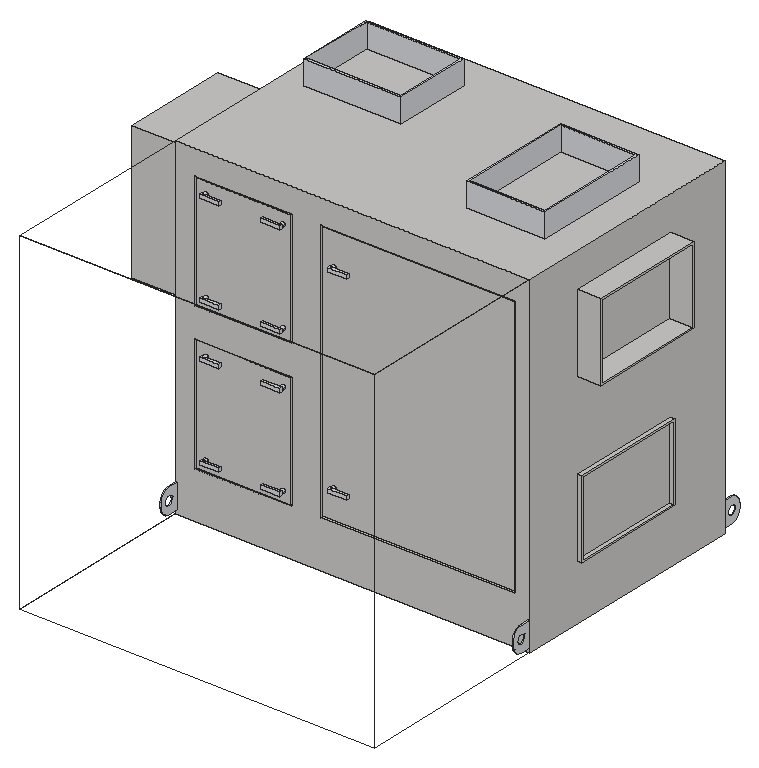
Revit family "DN-2IN-2FP-ERV", category Mechanical Equipment, Revit 2016
Family settings
  Part Type = Normal
  Round Connector Dimension = Use Diameter
  OmniClass Number = 23.75.00.00
  OmniClass Title = Climate Control (HVAC)
  Work Plane-Based = No
  Always vertical = Yes
  Cut with Voids When Loaded = No
  Shared = No
  Room Calculation Point = No
Parameters (values of type "2 @ 1.35 kW ea.")
  Voltage [instance] = "200-277 V"
  Unit Weight Range (lbs) [instance] = "1350-1525 lbs."
  Max. Shipping Weight (lbs) [instance] = "1550-1725 lbs."
  Unit Dimensions(L x W x H) [instance] = "88-5/8\" x 59-1/8\" x 73-7/8\""
  Shipping Dimensions (L x W x H) [instance] = "100\" x 90\" x 79\""
  Unit [instance] = Renewaire - Galvanized Steel
  URL = "www.renewaire.com"
  Typical Airflow Range = "375-1,650 CFM"
  Standard Features [instance] = "EC Motors for both airstreams, Direct drive backward inclined plenum, Higher ESP of up to 2\" w.g. at 1,500 CFM, Integrated programmable controls, True 100% face and bypass enthalpy based modulating economizer, Class 1 low leakage motorized isolation dampers, 1\" Double wall foam injected 20 gauge galvanized panel construction with R6.5 insulation"
  Service Area Visibility [instance] = yes
  Service Area Box [instance] = Renewaire - Interference
  Revit Object Download Link [instance] = ""
  Phase [instance] = "Single"
  Options [instance] = "Onboard variable frequency drives (VFDs) - both airstreams, Fused disconnect, Spring isolators (VFDs only), 2\" Double wall foam injected 20 gauge galvanized panel construction with R13 insulation, Exterior paint - grey, white, custom color, BACNET factory activation, GFCI convenience outlet, Recirculation damper"
  Number Motors [instance] = "Qty. 2, Direct drive motorized impeller packages"
  Model = "DN-2IN-2FP-ERV"
  Minimum Circuit Amps [instance] = "15.1 A"
  Maximum Overcurrent Protection [instance] = "20 A"
  Manufacturer = "Renewaire LLC"
  Inlets/Outlets [instance] = "OA & RA Inlets: 24\" x 16\", SA Outlet: 24\" x 16\", EA Outlet: 20\" x 16\""
  Frequency [instance] = "50/60 Hz"
  Filters [instance] = "Total qty. 4, MERV 8: 16\" x 20\" x 2\""
  FLA per Motor [instance] = "6.7-4.8"
  Energy Recovery Type [instance] = "Static plate total energy transfer"
  Description = "Energy Recovery Ventilator"
  Accessories [instance] = "Filters - MERV 13, 2\"  and 4\" (shipped loose), MERV 14, 2\" and 4\" (shipped loose), Additional filters available upon request, Duct mounted electric pre-heater (separately powered), Carbon dioxide sensor/control - wall mount (CO2-W), duct mount (CO2-D), IAQ sensor - wall mount (IAQ-W), duct mount (IAQ-D), Motion occupancy sensor/control - ceiling mount (MC-C), wall mount (MC-W), Smoke detector, Room temperature and humidity sensor, Duct static pressure sensor with display to 10\", without display 0-2\", Room pressure sensor with display to 1\", without display 0-1\", Remote display"
  AHRI 1060 Certified Core [instance] = "One L-62-G5 and one L-125-G5"
Types (7): name | Voltage | Phase | Minimum Circuit Amps | Maximum Overcurrent Protection | FLA per Motor
  (no name) | "200-277 V" | "Single" | "15.1 A" | "20 A" | "6.7-4.8"
  2 @ 1.35 kW ea. | "200-277 V" | "Single" | "15.1 A" | "20 A" | "6.7-4.8"
  2 @ 2.70 kW ea. | "200-240 V" | "Three" | "19.4 A" | "25 A" | "8.6-7.2"
  2 @ 3.70 kW ea. | "380-480 V" | "Three" | "13.5 A" | "15 A" | "6.0-4.6"
  2 @ 3HP ea. 208-230V | "208-230 V" | "Three" | "20.3 A" | "25 A" | "9-8.4/4.2"
  2 @ 3HP ea. 460V | "460V" | "Three" | "9.5 A" | "15 A" | "4.2"
  2 @ 3HP ea. 575V | "575V" | "Three" | "7.4 A" | "15 A" | "3.3"
Reference planes (in)
  plane 1 "Center (Front/Back)": y = 0
  plane 2: z = 0
  plane 3 "Center (Left/Right)": x = 0
  plane 4: x = -12.875
Forms (in)
  Extrusion 1, solid, material "Renewaire - Galvanized Steel" <- "Unit"
    sketch origin (0, 1.00005, 0) x (1, 0, 0) y (0, 1, 0)
      loop
        line (-12.875, 23.99995) -> (-12.875, -26.00005) -> (60, -26.00005) -> (60, 23.99995) -> (-12.875, 23.99995)
    from 0 to 68.875
  Extrusion 2, void
    sketch origin (-0.17691, 0, 0) x (1, 0, 0) y (0, 0, 1)
      loop
        line (-8.69064, 63.824) -> (-8.69064, 39.82399) -> (11.30935, 39.82399) -> (11.30935, 63.824) -> (-8.69064, 63.824)
      loop
        line (-8.69064, 33.824) -> (-8.69064, 9.824) -> (11.30935, 9.824) -> (11.30935, 33.824) -> (-8.69064, 33.824)
      loop
        line (17.22532, 63.824) -> (17.22532, 9.824) -> (57.22532, 9.824) -> (57.22532, 63.824) -> (17.22532, 63.824)
    from 24 to 26
  Extrusion 3, void
    sketch origin (-0.17691, 1.00005, 0) x (1, 0, 0) y (0, 1, 0)
      loop
        line (-10.69809, 21.99995) -> (-10.69809, -24.00005) -> (57.89381, -24.00005) -> (57.89381, 21.99995) -> (-10.69809, 21.99995)
    from 0 to 6
  Extrusion 4, solid, material "Renewaire - Galvanized Steel" <- "Unit"
    sketch origin (0, -1, 0) x (0, 1, 0) y (0, 0, 1)
      loop
        line (-12.00006, 61.824) -> (-12.00006, 45.824) -> (11.99994, 45.824) -> (11.99994, 61.824) -> (-12.00006, 61.824)
      loop
        line (-11.75006, 61.574) -> (-11.75006, 46.074) -> (11.74994, 46.074) -> (11.74994, 61.574) -> (-11.75006, 61.574)
    from 60 to 65
  Extrusion 5, void
    sketch origin (-0.17691, 0, 0) x (1, 0, 0) y (0, 1, 0)
      loop
        line (-5.69809, 17.95042) -> (-5.69809, -6.04958) -> (10.30192, -6.04958) -> (10.30192, 17.95042) -> (-5.69809, 17.95042)
      loop
        line (36.4669, 10.95041) -> (36.4669, -13.04959) -> (52.46689, -13.04959) -> (52.46689, 10.95041) -> (36.4669, 10.95041)
    from 5 to 6.125
  Extrusion 6, solid, material "Renewaire - Galvanized Steel" <- "Unit"
    sketch origin (-0.1769, 0, 0) x (1, 0, 0) y (0, 0, 1)
      loop
        line (11.30935, 61.82401) -> (-8.69064, 61.82401) -> (-8.69064, 45.82401) -> (11.30935, 45.82401) -> (11.30935, 61.82401)
      loop
        line (11.05935, 61.57401) -> (-8.44064, 61.57401) -> (-8.44064, 46.07401) -> (11.05935, 46.07401) -> (11.05935, 61.57401)
    from -25 to -30
  Extrusion 7, solid, material "Renewaire - Galvanized Steel" <- "Unit"
    sketch origin (0, -1.04951, 0) x (0, 1, 0) y (0, 0, 1)
      loop
        line (18.60019, 30.89209) -> (-5.39982, 30.89209) -> (-5.39982, 14.89209) -> (18.60019, 14.89209) -> (18.60019, 30.89209)
      loop
        line (18.35019, 30.64209) -> (-5.14982, 30.64209) -> (-5.14982, 15.14209) -> (18.35019, 15.14209) -> (18.35019, 30.64209)
    from -12.875 to -13.875
  Extrusion 8, solid, material "Renewaire - Galvanized Steel" <- "Unit"
    sketch origin (0, -1, 0) x (0, 1, 0) y (0, 0, 1)
      loop
        line (-12.00006, 27.784) -> (-12.00006, 11.78399) -> (11.99994, 11.78399) -> (11.99994, 27.784) -> (-12.00006, 27.784)
      loop
        line (-11.75006, 27.534) -> (-11.75006, 12.03399) -> (11.74994, 12.03399) -> (11.74994, 27.534) -> (-11.75006, 27.534)
    from 60 to 61
  Extrusion 9, solid, material "Renewaire - Galvanized Steel" <- "Unit"
    sketch origin (-0.17691, 0, 0) x (1, 0, 0) y (0, 0, 1)
      loop
        line (17.47532, 63.574) -> (17.47532, 10.324) -> (56.97532, 10.324) -> (56.97532, 63.574) -> (17.47532, 63.574)
      loop
        line (-8.44064, 63.574) -> (-8.44064, 40.07399) -> (11.05935, 40.07399) -> (11.05935, 63.574) -> (-8.44064, 63.574)
      loop
        line (-8.44064, 33.574) -> (-8.44064, 10.074) -> (11.05935, 10.074) -> (11.05935, 33.574) -> (-8.44064, 33.574)
    from 24 to 25
  Extrusion 10, solid, material "Renewaire - Interference" <- "Service Area Box", visible <- "Service Area Visibility"
    sketch origin (0, -1, 0) x (1, 0, 0) y (0, 1, 0)
      loop
        line (-12.875, -24) -> (-12.875, -64) -> (60, -64) -> (60, -24) -> (-12.875, -24)
    from 68.875 to 0
  Extrusion 11, solid
    sketch origin (0, 0, 0) x (1, 0, 0) y (0, 1, 0)
      loop
        line (-8.05979, 17.95039) -> (-8.05979, 1.95039) -> (11.94019, 1.95039) -> (11.94019, 17.95039) -> (-8.05979, 17.95039)
      loop
        line (-7.80979, 17.70039) -> (-7.80979, 2.20039) -> (11.69019, 2.20039) -> (11.69019, 17.70039) -> (-7.80979, 17.70039)
      loop
        line (37.53999, 10.95041) -> (37.53999, -13.04959) -> (53.53998, -13.04959) -> (53.53998, 10.95041) -> (37.53999, 10.95041)
      loop
        line (37.78999, 10.70041) -> (37.78999, -12.79959) -> (53.28998, -12.79959) -> (53.28998, 10.70041) -> (37.78999, 10.70041)
    from 73.875 to 68.875
  Extrusion 12, solid, material "Renewaire - Galvanized Steel" <- "Unit"
    sketch origin (0, 0, 0) x (1, 0, 0) y (0, 1, 0)
      loop
        line (-12.875, -23) -> (-12.875, -0.8125) -> (-23.5, -0.8125) -> (-23.5, -23) -> (-12.875, -23)
    from 67 to 39
Cuts and joins
  Extrusion 2, Extrusion 3, Extrusion 5 cuts Extrusion 1
Dimensions and locks (in)
  aligned and locked: level to plane 2
Nested families (in)
  nested 1: "Lifting Lug" at (-12.625, -25, 0.74999) x (0, -1, 0) z (0, 0, 1), Material <- "Unit", type "Lifting Lug"
    with Material Renewaire - Galvanized Steel
  nested 2: "Lifting Lug" at (59.88692, -25, 0.74999) x (0, -1, 0) z (0, 0, 1), Material <- "Unit", type "Lifting Lug"
    with Material Renewaire - Galvanized Steel
  nested 3: "Handle" at (9.24525, -25, 61.25), type "Handle"
    with Right Handle no, Left Handle yes, Flip yes
  nested 4: "Handle" at (9.24525, -25, 42.11337), type "Handle"
    with Right Handle no, Left Handle yes, Flip yes
  nested 5: "Handle" at (-6.62654, -25, 61.25) x (-1, 0, 0) z (0, 0, 1), type "Handle"
    with Right Handle no, Left Handle yes, Flip yes
  nested 6: "Handle" at (-6.62654, -25, 42.11337) x (-1, 0, 0) z (0, 0, 1), type "Handle"
    with Right Handle no, Left Handle yes, Flip yes
  nested 7: "Handle" at (9.24525, -25, 31.25), type "Handle"
    with Right Handle no, Left Handle yes, Flip yes
  nested 8: "Handle" at (9.24525, -25, 12.11338), type "Handle"
    with Right Handle no, Left Handle yes, Flip yes
  nested 9: "Handle" at (-6.62654, -25, 31.25) x (-1, 0, 0) z (0, 0, 1), type "Handle"
    with Right Handle no, Left Handle yes, Flip yes
  nested 10: "Handle" at (-6.62654, -25, 12.11338) x (-1, 0, 0) z (0, 0, 1), type "Handle"
    with Right Handle no, Left Handle yes, Flip yes
  nested 11: "Lifting Lug" at (-12.625, 25, 0.74999) x (0, 1, 0) z (0, 0, 1), Material <- "Unit", type "Lifting Lug"
    with Material Renewaire - Galvanized Steel
  nested 12: "Lifting Lug" at (59.88692, 25, 0.74999) x (0, 1, 0) z (0, 0, 1), Material <- "Unit", type "Lifting Lug"
    with Material Renewaire - Galvanized Steel
  nested 13: "Handle" at (19.76858, -25, 57.0118) x (-1, 0, 0) z (0, 0, 1), type "Handle"
    with Right Handle no, Left Handle yes, Flip yes
  nested 14: "Handle" at (19.76858, -25, 16.2618) x (-1, 0, 0) z (0, 0, 1), type "Handle"
    with Right Handle no, Left Handle yes, Flip yes
Connectors (in)
  hvac at (65, -1.00006, 53.824)
    settings: on Extrusion 4, index 1, duct flow 0 CFM, flow factor 0, pres drop 0.00 in-wg, loss coef 0, conn angle 0.00°, conn width 24", conn height 16", conn diameter 24", duct sys type 4, conn prof type 1, flow config 0, flow direction 1, loss method 0, conn ref index -1, conn util no, is conn primary yes, conn desc "Outside Air (OA)"
  hvac at (61, -1.00006, 19.784)
    settings: on Extrusion 8, index 2, duct flow 0 CFM, flow factor 0, pres drop 0.00 in-wg, loss coef 0, conn angle 0.00°, conn width 24", conn height 16", conn diameter 24", duct sys type 2, conn prof type 1, flow config 0, flow direction 1, loss method 0, conn ref index -1, conn util no, is conn primary no, conn desc "Return Air (RA)"
  hvac at (1.13245, 30, 53.82401)
    settings: on Extrusion 6, index 5, duct flow 0 CFM, flow factor 0, pres drop 0.00 in-wg, loss coef 0, conn angle 0.00°, conn width 20", conn height 16", conn diameter 24", duct sys type 3, conn prof type 1, flow config 0, flow direction 2, loss method 0, conn ref index -1, conn util no, is conn primary no, conn desc "Exhaust Air (EA)"
  hvac at (-13.875, 5.55067, 22.89209)
    settings: on Extrusion 7, index 6, duct flow 0 CFM, flow factor 0, pres drop 0.00 in-wg, loss coef 0, conn angle 0.00°, conn width 24", conn height 16", conn diameter 24", duct sys type 1, conn prof type 1, flow config 0, flow direction 2, loss method 0, conn ref index -1, conn util no, is conn primary no, conn desc "Supply Air (SA)"
  hvac at (2.125, 5.95042, 6.125)
    settings: on cut or joined group of Extrusion 1, Extrusion 2, Extrusion 3, Extrusion 5, index 7, duct flow 0 CFM, flow factor 0, pres drop 0.00 in-wg, loss coef 0, conn angle 0.00°, conn width 24", conn height 16", conn diameter 24", duct sys type 1, conn prof type 1, flow config 0, flow direction 2, loss method 0, conn ref index -1, conn util no, is conn primary no, conn desc "Supply Air (SA)"
  hvac at (44.28998, -1.04959, 6.125)
    settings: on cut or joined group of Extrusion 1, Extrusion 2, Extrusion 3, Extrusion 5, index 9, duct flow 0 CFM, flow factor 0, pres drop 0.00 in-wg, loss coef 0, conn angle 0.00°, conn width 24", conn height 16", conn diameter 24", duct sys type 2, conn prof type 1, flow config 0, flow direction 1, loss method 0, conn ref index -1, conn util no, is conn primary no, conn desc "Return Air (RA)"
  hvac at (45.53998, -1.04959, 73.875)
    settings: on Extrusion 11, index 10, duct flow 0 CFM, flow factor 0, pres drop 0.00 in-wg, loss coef 0, conn angle 0.00°, conn width 16", conn height 24", conn diameter 24", duct sys type 4, conn prof type 1, flow config 0, flow direction 1, loss method 0, conn ref index -1, conn util no, is conn primary no, conn desc "Outside Air (OA)"
  hvac at (1.9402, 9.95039, 73.875)
    settings: on Extrusion 11, index 11, duct flow 0 CFM, flow factor 0, pres drop 0.00 in-wg, loss coef 0, conn angle 0.00°, conn width 20", conn height 16", conn diameter 24", duct sys type 3, conn prof type 1, flow config 0, flow direction 2, loss method 0, conn ref index -1, conn util no, is conn primary no, conn desc "Exhaust Air (EA)"
Definition of nested family "Lifting Lug"
  Parameters (values of type "Lifting Lug")
    Material [instance] = none
  Reference planes (in)
    plane 1 "Center (Front/Back)": y = 0
    plane 2: z = 0
    plane 3 "Center (Left/Right)": x = 0
  Forms (in)
    Extrusion 1, solid
      sketch origin (0, 0, 0) x (1, 0, 0) y (0, 0, 1)
        loop
          line (0, 0.1875) -> (2, 0.1875)
          arc (2, 0.1875) -> (3.41421, 0.77329) -> (4, 2.1875) r 2
          line (4, 2.1875) -> (4, 3.1875)
          arc (4, 3.1875) -> (3.41421, 4.60171) -> (2, 5.1875) r 2
          line (2, 5.1875) -> (0, 5.1875) -> (0, 0.1875)
        loop
          circle (2.125, 2.6875) r 1
      from 0 to 0.25
  Dimensions and locks (in)
    aligned and locked: plane 2 to level
Definition of nested family "Handle"
  Parameters (values of type "Handle")
    Right Handle [instance] = not(Flip)  # no
    Material = none
    Left Handle [instance] = Flip  # yes
    Flip [instance] = yes
  Reference planes (in)
    plane 1 "Center (Front/Back)": y = 0
    plane 2: z = 0
    plane 3 "Center (Left/Right)": x = 0
  Forms (in)
    Extrusion 1, solid, material <- "Material"
      sketch origin (0, 0, 0) x (1, 0, 0) y (0, 0, 1)
        loop
          circle (0, 0) r 0.375
      from 0 to 0.75
    Extrusion 2, solid, material <- "Material", visible <- "Right Handle"
      sketch origin (0, 0, 0) x (1, 0, 0) y (0, 1, 0)
        loop
          line (-0.375, -0.75) -> (-0.375, -1.25) -> (3.625, -1.25) -> (3.625, -0.75) -> (-0.375, -0.75)
      from -0.375 to 0.375
    Extrusion 3, solid, material <- "Material", visible <- "Left Handle"
      sketch origin (-3.25, 0, 0) x (1, 0, 0) y (0, 1, 0)
        loop
          line (-0.375, -0.75) -> (-0.375, -1.25) -> (3.625, -1.25) -> (3.625, -0.75) -> (-0.375, -0.75)
      from -0.375 to 0.375
  Dimensions and locks (in)
    aligned and locked: plane 2 to level
